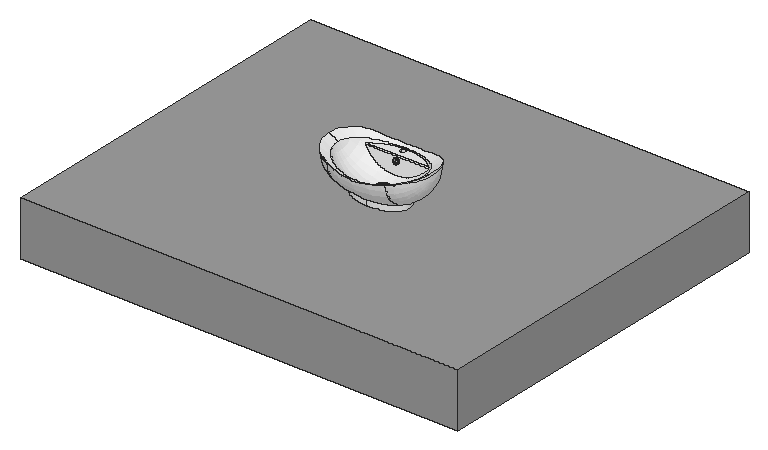
Revit family
Parameters
  Width = 580 mm  # constant formula
  Waste Connection Radius = Waste Connection Diameter / 2  # 20 mm
  Waste Connection = 1 = 1  # yes
  Vent Connection = 1 = 0  # no
  URL = "www.vaalsan.co.za"
  Product Code = "7044"
  Omniclass Title = "Sinks/Lavatories"
  Omniclass Number = "23.45.05.14.14"
  Model = "Swift Surface Mounted Basin"
  Manufacturer = "Vaal Sanitaryware"  # constant formula
  Depth = 390 mm  # constant formula
  Height = 220 mm  # constant formula
  HW Connection = 1 = 0  # no
  Family created by = "www.rbuiltcomponents.com"
  Default Elevation = 0 mm
  Waste Connection Diameter = 40 mm  # constant formula
  CW Connection = 1 = 0  # no
  Body Finish = Vitreous China-Vaal-White
  Assembly Code = "D2010310"
Reference planes
  plane 1 "Front": y = -10
  plane 2: z = 0
  plane 3 "Center (Left/Right)": x = 0
  plane 4 "Back": y = 380
  plane 5 "45 2": through (-1219.2, -1219.2, 0) normal (-0.5, -0.5, 0.7071)
  plane 6: x = -290
  plane 7: x = 290
  plane 8 "Top": z = 220
  plane 9 "Bottom": z = 0
  plane 10: y = 195
Forms (mm)
  Extrusion 1, solid
    sketch origin (0, 0, 0) x (1, 0, 0) y (0, 1, 0)
      loop
        line (-1219.2, 1219.2) -> (-1219.2, -804.487) -> (1219.2, -804.487) -> (1219.2, 1219.2) -> (-1219.2, 1219.2)
    from 0 to -304.8
Dimensions and locks
  equal spacing: plane 6, plane 3 "Center (Left/Right)", plane 7
  locked: plane 6 to plane 7 at 580
  locked: plane 8 "Top" to plane 9 "Bottom" at 220
  locked: plane 10 to plane 4 "Back" at 185
  locked: plane 1 "Front" to plane 4 "Back" at 390
  locked: connector elem to plane 3 "Center (Left/Right)" at 0
  locked: plane 4 "Back" to connector elem at 185
  aligned and locked: plane 2 to Extrusion 1
  aligned and locked: level to Extrusion 1
  aligned and locked: plane 3 "Center (Left/Right)" to nested 1
  aligned and locked: plane 4 "Back" to nested 1
  aligned and locked: plane 9 "Bottom" to nested 1
Automatic sketch dimensions
  Extrusion 1 sketch curve to Extrusion 1 sketch curve = 2438.4 mm
  Extrusion 1 sketch curve to Extrusion 1 sketch curve = 2023.687 mm
Nested families
  nested 1: "Vaal-Swift" at (0, 343, 0), type "Vaal-Swift"
Connectors
  piping at (0, 195, 0), driven by "Waste Connection Radius"
    settings: on nested 1, index 1
Definition of nested family "Vaal-Swift"
  Parameters
    Width = 580 mm  # constant formula
    Waste Connection Radius = Waste Connection Diameter / 2  # 20 mm
    Waste Connection = 1 = 1  # yes
    Vent Connection = 1 = 0  # no
    URL = "www.vaalsan.co.za"
    Product Code = "7044"
    Omniclass Title = "Sinks/Lavatories"
    Omniclass Number = "23.45.05.14.14"
    Model = "Swift Surface Mounted Basin"
    Manufacturer = "Vaal Sanitaryware"  # constant formula
    Depth = 390 mm  # constant formula
    Height = 220 mm  # constant formula
    HW Connection = 1 = 1  # yes
    Family created by = "www.rbuiltcomponents.com"
    Waste Connection Diameter = 40 mm  # constant formula
    CW Connection = 1 = 1  # yes
    Body Finish = Vitreous China-Vaal-White
    Assembly Code = "D2010310"
  Reference planes
    plane 1 "Bottom": z = 0
    plane 2 "Center (Left/Right)": x = 0
    plane 3 "Back": y = 37
    plane 4 "Front": y = -353
    plane 5: y = -148
    plane 6 "Right": x = 290
    plane 7 "Left": x = -290
    plane 8 "Top": z = 220
    plane 9: z = 175
    plane 10 "Revolve": z = 210
    plane 11 "Center (Front/Back)": y = -158
    plane 12 "Void Revolve": z = 240
  Forms (mm)
    Revolve 1, void
      sketch origin (0, 5, 10.932) x (0, 1, 0) y (0, 0, 1)
        loop
          line (-153, -19.159) -> (-153, 41.533) -> (-185.25, 41.533) -> (-185.25, 35.841)
          arc (-185.25, 35.841) -> (-180.738, 32.379) -> (-177.635, 27.613) r 16.839
          line (-177.635, 27.613) -> (-177.635, -19.159) -> (-153, -19.159)
        axis (-153, 41.533) -> (-153, -19.159)
      angle from 0 to 360
    Revolve 2, solid, material "Chrome"
      sketch origin (0, 5, 18.811) x (0, 1, 0) y (0, 0, 1)
        loop
          line (-153, 24.586) -> (-153, 27.961)
          arc (-153, 27.961) -> (-163.608, 27.724) -> (-174.195, 27.011) r 236.768
          arc (-174.195, 27.011) -> (-174.849, 26.447) -> (-174.525, 25.646) r 0.741
          line (-174.525, 25.646) -> (-184.504, 28.889)
          arc (-184.504, 28.889) -> (-185.159, 28.555) -> (-184.825, 27.9) r 0.52
          line (-184.825, 27.9) -> (-174.627, 24.586) -> (-153, 24.586)
        axis (-153, 24.586) -> (-153, 28.889)
      angle from 0 to 360
    Extrusion 3, void
      sketch origin (0, 0, 0) x (1, 0, 0) y (0, 1, 0)
        loop
          circle (0, -5) r 15
      from 207.3 to 0
    Extrusion 4, solid, material "Chrome"
      sketch origin (-235.5, -48.955, 153.913) x (0, -0.183129, -0.983089) y (1, 0, 0)
        loop
          arc (22.404, 245.494) -> (12.37, 235.5) -> (22.404, 225.506) r 9.994
          arc (22.404, 225.506) -> (32.441, 235.5) -> (22.404, 245.494) r 9.994
        loop
          arc (22.408, 220.506) -> (37.445, 235.5) -> (22.408, 250.494) r 14.994
          arc (22.408, 250.494) -> (7.37, 235.5) -> (22.408, 220.506) r 14.994
      from 0.3 to 3
    Revolve 5, solid, material "Chrome"
      sketch origin (0, -10.653, 1.394) x (0, 0.983089, -0.183129) y (0, 0.183129, 0.983089)
        loop
          line (-66.554, 109.38) -> (-36.554, 109.38) -> (-36.554, 110.38) -> (-66.554, 110.38) -> (-66.554, 109.38)
        axis (-36.554, 120.375) -> (-66.554, 120.375)
      angle from 0 to 360
    Extrusion 6, void
      sketch origin (0, -67.672, 12.015) x (1, 0, 0) y (0, 0.183129, 0.983089)
        loop
          circle (0, 120.375) r 11
      from 17.5 to -31.874
    Revolve 7, solid, material "Vitreous China-Vaal-White" <- "Body Finish"
      sketch origin (0, 0, 210) x (-1, 0, 0) y (0, -1, 0)
        loop
          arc (290, 158) -> (255.259, 266.868) -> (163.815, 335.403) r 187.672
          arc (163.815, 335.403) -> (0, 363) -> (-163.815, 335.403) r 500
          arc (-163.815, 335.403) -> (-255.259, 266.868) -> (-290, 158) r 187.672
          line (-290, 158) -> (290, 158)
        axis (290, 158) -> (-290, 158)
      angle from 0 to 360
    Revolve 8, void
      sketch origin (0, -158, 0) x (1, 0, 0) y (0, 0, 1)
        loop
          arc (0, 128.424) -> (166.876, 156.794) -> (315, 238.718) r 504.967
          line (315, 238.718) -> (315, 445) -> (0, 445) -> (0, 128.424)
        axis (0, 128.424) -> (0, 445)
      angle from 0 to 360
    Extrusion 9, solid, material "Vitreous China-Vaal-White" <- "Body Finish"
      sketch origin (0, 0, 0) x (1, 0, 0) y (0, 1, 0)
        loop
          spline (0, -58.735) -> (-41.411, -62.143) -> (-80, -72.133) -> (-113.137, -88.025) -> (-138.564, -108.735) -> (-154.548, -132.854) -> (-160, -158.735) -> (-154.548, -184.617) -> (-138.564, -208.735) -> (-113.137, -229.446) -> (-80, -245.338) -> (-41.411, -255.328) -> (0, -258.735)
          spline (0, -258.735) -> (41.411, -255.328) -> (80, -245.338) -> (113.137, -229.446) -> (138.564, -208.735) -> (154.548, -184.617) -> (160, -158.735) -> (154.548, -132.854) -> (138.564, -108.735) -> (113.137, -88.025) -> (80, -72.133) -> (41.411, -62.143) -> (0, -58.735)
      from 0 to 36.314
    Blend 10, solid, material "Vitreous China-Vaal-White" <- "Body Finish"
      base sketch origin (0, 0, 0) x (1, 0, 0) y (0, 1, 0)
        loop
          line (-200, -68) -> (200, -68) -> (200, 2) -> (-200, 2) -> (-200, -68)
      top sketch origin (0, 0, 0) x (1, 0, 0) y (0, 1, 0)
        loop
          line (-220, -48) -> (220, -48) -> (220, 37) -> (-220, 37) -> (-220, -48)
      from 55 to 160
    Revolve 11, void
      sketch origin (0, 0, 240) x (-1, 0, 0) y (0, -1, 0)
        loop
          spline (250, 158) -> (241.481, 208.47) -> (216.506, 255.5) -> (176.777, 295.886) -> (125, 326.875) -> (64.705, 346.356) -> (0, 353) -> (-64.705, 346.356) -> (-125, 326.875) -> (-176.777, 295.886) -> (-216.506, 255.5) -> (-241.481, 208.47) -> (-250, 158)
          line (-250, 158) -> (250, 158)
        axis (250, 158) -> (-250, 158)
      angle from 0 to 360
    Sweep 12, void
      path in 3D
        loop
          line (220, -48, 160) -> (-220, -48, 160)
      profile origin (0, -48, 160) x (0, -1, 0) y (0, 0, 1)
        loop
          line (0.774, -4.064) -> (0, 0) -> (-4.138, 0)
          arc (-4.138, 0) -> (-0.95, -1.148) -> (0.774, -4.064) r 5
    Revolve 13, void
      sketch origin (0, 0, 240) x (-1, 0, 0) y (0, -1, 0)
        loop
          line (320, 158) -> (276.132, 158)
          arc (276.132, 158) -> (239.219, 47.117) -> (142.94, -19.125) r 183.875
          arc (142.94, -19.125) -> (0, -39.214) -> (-142.94, -19.125) r 518.581
          arc (-142.94, -19.125) -> (-239.219, 47.117) -> (-276.132, 158) r 183.875
          line (-276.132, 158) -> (-320, 158) -> (-320, -102) -> (320, -102) -> (320, 158)
        axis (320, 158) -> (-320, 158)
      angle from -10 to 106.379
  Cuts and joins
    Revolve 1, Revolve 8, Revolve 11 cuts Revolve 7
    Revolve 1 cuts Extrusion 9
    Extrusion 3, Extrusion 6, Sweep 12, Revolve 13 cuts Blend 10
    joined: Revolve 7, Extrusion 9, Blend 10
  Lines and regions (mm)
    Masking region 1
      outline origin (0, 0, 0) x (1, 0, 0) y (0, 1, 0)
        loop
          spline (0, 37) -> (-75.058, 30.356) -> (-145, 10.875) -> (-205.061, -20.114) -> (-251.147, -60.5) -> (-280.118, -107.53) -> (-290, -158) -> (-280.118, -208.47) -> (-251.147, -255.5) -> (-205.061, -295.886) -> (-145, -326.875) -> (-75.058, -346.356) -> (0, -353)
          spline (0, -353) -> (75.058, -346.356) -> (145, -326.875) -> (205.061, -295.886) -> (251.147, -255.5) -> (280.118, -208.47) -> (290, -158) -> (280.118, -107.53) -> (251.147, -60.5) -> (205.061, -20.114) -> (145, 10.875) -> (75.058, 30.356) -> (0, 37)
    Masking region 2
      outline origin (0, 37, 0) x (1, 0, 0) y (0, 0, 1)
        loop
          line (160.04, 0) -> (160.04, 30)
          arc (160.04, 30) -> (254.321, 104.958) -> (290, 220) r 204.335
          arc (290, 220) -> (0, 175) -> (-290, 220) r 956.944
          arc (-290, 220) -> (-254.321, 104.958) -> (-160.04, 30) r 204.335
          line (-160.04, 30) -> (-160.04, 0) -> (160.04, 0)
    Masking region 3
      outline origin (0, 0, 0) x (0, 1, 0) y (0, 0, 1)
        loop
          line (-268, 0) -> (-48, 0) -> (-48, 27.776)
          arc (-48, 27.776) -> (14.301, 89.956) -> (37, 175) r 169.432
          arc (37, 175) -> (-158, 220) -> (-353, 175) r 445
          arc (-353, 175) -> (-330.301, 89.956) -> (-268, 27.776) r 169.432
          line (-268, 27.776) -> (-268, 0)
    symbolic lines, detail levels fine
      curve 1: circle (0, -148, 150) r 20 normal (0, 0, 1)
      curve 2: circle (0, -148, 150) r 37.5 normal (0, 0, 1)
    symbolic lines, style "Basin", detail levels fine
      curve 3: arc (-15, -5, 0) -> (0, -20, 0) -> (15, -5, 0) r 15
      curve 4: arc (15, -5, 0) -> (0, 10, 0) -> (-15, -5, 0) r 15
      curve 8: arc (-95.135, -93.564, 0) -> (0, -86.911, 0) -> (95.135, -93.564, 0) r 683.573
      curve 9: line (162.013, -86.786, 0) -> (112.287, -92.013, 0)
      curve 10: line (-162.013, -86.786, 0) -> (-112.287, -92.013, 0)
      curve 11: line (0, -58, 27.776) -> (0, -258, 27.776)
      curve 12: line (-150, 0, 30) -> (150, 0, 30)
    sketch lines
      curve 5: line (220, -48, 160) -> (-220, -48, 160)
    symbolic lines, style "Basin"
      curve 6: arc (-175, -83.861, 0) -> (0, 24.579, 0) -> (175, -83.861, 0) r 195.427
      curve 7: arc (-153.773, -78.798, 0) -> (0, -61.911, 0) -> (153.773, -78.798, 0) r 708.573
  Dimensions and locks
    Extrusion 3 sketch curve to plane 3 "Back" = 42 mm
    locked: plane 4 "Front" to plane 3 "Back" at 390
    locked: plane 5 to plane 3 "Back" at 185
    equal spacing: plane 7 "Left", plane 2 "Center (Left/Right)", plane 6 "Right"
    locked: plane 7 "Left" to plane 6 "Right" at 580
    locked: plane 8 "Top" to plane 1 "Bottom" at 220
    locked: plane 9 to plane 1 "Bottom" at 175
    equal spacing: plane 4 "Front", plane 11 "Center (Front/Back)", plane 3 "Back"
    plane 12 "Void Revolve" to plane 8 "Top" to plane 10 "Revolve" = 20 mm locked, 10 mm locked
  Automatic sketch dimensions
    curve 1 to curve 2 = 0 mm  (x2)
    curve 2 to plane 2 "Center (Left/Right)" = 0 mm
    curve 2 to plane 5 = 0 mm
    Revolve 1 sketch curve to level = 8.227 mm
    plane 5 to Revolve 1 sketch curve = 40.096 mm
    Revolve 1 sketch curve to Revolve 1 sketch curve = 7.846 mm
    plane 5 to Revolve 1 sketch curve = 24.635 mm
    Revolve 1 sketch curve to plane 5 = 0 mm
    Revolve 1 sketch curve to Revolve 1 sketch curve = 0 mm
    level to Revolve 1 sketch curve = 10.932 mm
    level to Revolve 1 sketch curve = 31.873 mm
    Revolve 1 sketch curve to Revolve 1 sketch curve = 6.672 mm
    Revolve 1 sketch curve to Revolve 1 sketch curve = 10.949 mm
    Revolve 1 sketch curve to Revolve 1 sketch curve = 2.971 mm
    plane 5 to Revolve 2 sketch curve = 31.825 mm
    Revolve 2 sketch curve to Revolve 2 sketch curve = 0.161 mm  (x2)
    Revolve 2 sketch curve to Revolve 2 sketch curve = 10.198 mm
    Revolve 2 sketch curve to Revolve 2 sketch curve = 0.432 mm
    Revolve 2 sketch curve to Revolve 2 sketch curve = 0 mm
    Revolve 2 sketch curve to Revolve 2 sketch curve = 0.102 mm
    Revolve 2 sketch curve to Revolve 2 sketch curve = 0.396 mm
    Revolve 2 sketch curve to plane 5 = 0 mm  (x2)
    Revolve 2 sketch curve to level = 189.995 mm
    level to Revolve 2 sketch curve = 18.811 mm
    Revolve 2 sketch curve to Revolve 2 sketch curve = 24.586 mm
    Revolve 2 sketch curve to Revolve 2 sketch curve = 1.06 mm
    Revolve 2 sketch curve to Revolve 2 sketch curve = 0.889 mm
    Revolve 2 sketch curve to Revolve 2 sketch curve = 0.494 mm
    Revolve 2 sketch curve to Revolve 2 sketch curve = 10.601 mm
    Extrusion 3 sketch curve to plane 2 "Center (Left/Right)" = 0 mm
    Revolve 7 sketch curve to plane 2 "Center (Left/Right)" = 0 mm
    Revolve 7 sketch curve to plane 7 "Left" = 0 mm
    plane 5 to Revolve 7 sketch curve = 10 mm
    plane 6 "Right" to Revolve 7 sketch curve = 60 mm
    Revolve 7 sketch curve to plane 4 "Front" = 17.597 mm
    Revolve 7 sketch curve to Revolve 7 sketch curve = 0 mm  (x2)
    plane 2 "Center (Left/Right)" to Revolve 7 sketch curve = 102.328 mm
    plane 5 to Revolve 7 sketch curve = 10.089 mm
    Revolve 7 sketch curve to plane 2 "Center (Left/Right)" = 102.328 mm
    Revolve 7 sketch curve to plane 7 "Left" = 60 mm
    Revolve 7 sketch curve to plane 6 "Right" = 0 mm
    Revolve 7 sketch curve to plane 2 "Center (Left/Right)" = 163.815 mm
    Extrusion 9 sketch curve to plane 2 "Center (Left/Right)" = 0 mm
    plane 11 "Center (Front/Back)" to Extrusion 9 sketch curve = 0.735 mm
    plane 3 "Back" to Extrusion 9 sketch curve = 95.735 mm
    Revolve 8 sketch curve to plane 2 "Center (Left/Right)" = 0 mm  (x2)
    Revolve 8 sketch curve to plane 9 = 0 mm
    plane 6 "Right" to Revolve 8 sketch curve = 25 mm
    plane 8 "Top" to Revolve 8 sketch curve = 18.718 mm
    Revolve 8 sketch curve to Revolve 8 sketch curve = 0 mm
    Revolve 8 sketch curve to Revolve 8 sketch curve = 188.391 mm
    Revolve 8 sketch curve to Revolve 8 sketch curve = 46.576 mm
    Blend 10 sketch curve to plane 3 "Back" = 0 mm
    plane 7 "Left" to Blend 10 sketch curve = 70 mm
    Blend 10 sketch curve to plane 6 "Right" = 70 mm
    plane 3 "Back" to Blend 10 sketch curve = 85 mm
    plane 3 "Back" to Blend 10 sketch curve = 35 mm
    plane 7 "Left" to Blend 10 sketch curve = 90 mm
    Blend 10 sketch curve to plane 6 "Right" = 90 mm
    Blend 10 sketch curve to Blend 10 sketch curve = 70 mm
    Revolve 13 sketch curve to plane 11 "Center (Front/Back)" = 0 mm  (x3)
    Revolve 13 sketch curve to plane 2 "Center (Left/Right)" = 0 mm
    Revolve 13 sketch curve to plane 11 "Center (Front/Back)" = 0.372 mm  (x2)
    plane 2 "Center (Left/Right)" to Revolve 13 sketch curve = 92.257 mm
    plane 3 "Back" to Revolve 13 sketch curve = 17.875 mm
    plane 2 "Center (Left/Right)" to Revolve 13 sketch curve = 142.94 mm
    Revolve 13 sketch curve to Revolve 13 sketch curve = 0 mm  (x3)
    plane 6 "Right" to Revolve 13 sketch curve = 30 mm  (x2)
    Revolve 13 sketch curve to plane 2 "Center (Left/Right)" = 92.257 mm
    Revolve 13 sketch curve to plane 7 "Left" = 30 mm
    Revolve 13 sketch curve to plane 3 "Back" = 65 mm
    Revolve 11 sketch curve to plane 11 "Center (Front/Back)" = 0 mm  (x2)
    Revolve 11 sketch curve to plane 2 "Center (Left/Right)" = 0 mm
    Revolve 11 sketch curve to plane 3 "Back" = 0 mm
    plane 7 "Left" to Revolve 11 sketch curve = 40 mm
    Revolve 11 sketch curve to Revolve 11 sketch curve = 31.132 mm  (x2)
    Sweep 12 sketch curve to profile plane = 0 mm  (x2)
    profile plane to Sweep 12 sketch curve = 4.138 mm
    Sweep 12 sketch curve to profile plane = 0.774 mm
    Sweep 12 sketch curve to profile plane = 4.064 mm
    Extrusion 4 sketch curve to Extrusion 4 sketch curve = 0 mm  (x2)
    Extrusion 4 sketch curve to plane 2 "Center (Left/Right)" = 0 mm  (x3)
    Extrusion 4 sketch curve to Extrusion 4 sketch curve = 0.039 mm
    Extrusion 4 sketch curve to Extrusion 4 sketch curve = 0.004 mm  (x2)
    Extrusion 4 sketch curve to Extrusion 4 sketch curve = 0.082 mm
    Extrusion 4 sketch curve to plane 2 "Center (Left/Right)" = 9.994 mm
    Extrusion 4 sketch curve to Extrusion 4 sketch curve = 5 mm
    Revolve 5 sketch curve to plane 9 = 52.905 mm
    Revolve 5 sketch curve to plane 5 = 92.133 mm
    Revolve 5 sketch curve to Revolve 5 sketch curve = 0.962 mm
    Revolve 5 sketch curve to Revolve 5 sketch curve = 30 mm
    Revolve 5 sketch curve to Revolve 5 sketch curve = 13.554 mm
    Revolve 5 sketch curve to Revolve 5 sketch curve = 1 mm
    Revolve 5 sketch curve to Revolve 5 sketch curve = 9.995 mm
    Extrusion 6 sketch curve to plane 2 "Center (Left/Right)" = 0 mm
    Masking region 1 sketch curve to plane 2 "Center (Left/Right)" = 0 mm
    Masking region 1 sketch curve to plane 11 "Center (Front/Back)" = 0 mm
    Masking region 1 sketch curve to plane 3 "Back" = 0 mm
    curve 3 to curve 4 = 0 mm  (x2)
    curve 7 to curve 8 = 0 mm  (x2)
    curve 8 to plane 2 "Center (Left/Right)" = 0 mm
    curve 6 to plane 2 "Center (Left/Right)" = 0 mm
    curve 4 to plane 2 "Center (Left/Right)" = 0 mm
    curve 4 to plane 2 "Center (Left/Right)" = 15 mm
    curve 8 to plane 5 = 54.436 mm  (x2)
    curve 8 to plane 2 "Center (Left/Right)" = 95.135 mm
    curve 10 to plane 5 = 55.987 mm
    curve 10 to curve 8 = 17.152 mm
    curve 7 to curve 10 = 41.486 mm
    curve 10 to plane 5 = 61.214 mm
    curve 10 to curve 7 = 8.24 mm
    curve 6 to curve 10 = 12.987 mm
    curve 9 to plane 5 = 55.987 mm
    curve 8 to curve 9 = 17.152 mm
    curve 9 to curve 7 = 41.486 mm
    curve 9 to plane 5 = 61.214 mm
    curve 7 to curve 9 = 8.24 mm
    curve 9 to curve 6 = 12.987 mm
    plane 11 "Center (Front/Back)" to curve 6 = 12.848 mm
    plane 4 "Front" to curve 7 = 417.484 mm
    curve 9 to curve 6 = 2.925 mm
    curve 10 to curve 7 = 7.988 mm
    plane 3 "Back" to curve 3 = 42 mm
    Masking region 3 sketch curve to plane 4 "Front" = 0 mm
    Masking region 3 sketch curve to plane 11 "Center (Front/Back)" = 0 mm
    Masking region 3 sketch curve to plane 3 "Back" = 0 mm
    Masking region 3 sketch curve to plane 9 = 0 mm
    level to Masking region 3 sketch curve = 27.776 mm
    Masking region 3 sketch curve to plane 4 "Front" = 85 mm
    Masking region 3 sketch curve to plane 9 = 0.328 mm  (x2)
    Masking region 3 sketch curve to plane 5 = 15.568 mm
    plane 3 "Back" to Masking region 3 sketch curve = 85 mm
    Masking region 3 sketch curve to level = 225 mm
    Masking region 3 sketch curve to level = 0 mm
    level to curve 11 = 27.776 mm
    curve 11 to plane 4 "Front" = 95 mm
    plane 3 "Back" to curve 11 = 95 mm
    Masking region 2 sketch curve to plane 7 "Left" = 0 mm
    Masking region 2 sketch curve to level = 0 mm
    Masking region 2 sketch curve to plane 2 "Center (Left/Right)" = 0 mm
    Masking region 2 sketch curve to plane 6 "Right" = 0 mm
    Masking region 2 sketch curve to plane 8 "Top" = 0 mm
    plane 7 "Left" to Masking region 2 sketch curve = 129.96 mm
    plane 8 "Top" to Masking region 2 sketch curve = 0.319 mm  (x2)
    Masking region 2 sketch curve to plane 2 "Center (Left/Right)" = 85.665 mm
    plane 2 "Center (Left/Right)" to Masking region 2 sketch curve = 85.665 mm
    level to Masking region 2 sketch curve = 30 mm
    plane 12 "Void Revolve" to Masking region 2 sketch curve = 891.944 mm
    level to curve 12 = 30 mm
    plane 7 "Left" to curve 12 = 140 mm
    curve 12 to plane 6 "Right" = 140 mm
    radius of curve 1 = 20 mm
    radius of curve 2 = 37.5 mm
    radius of Extrusion 3 sketch curve = 15 mm
    radius of Extrusion 6 sketch curve = 11 mm
